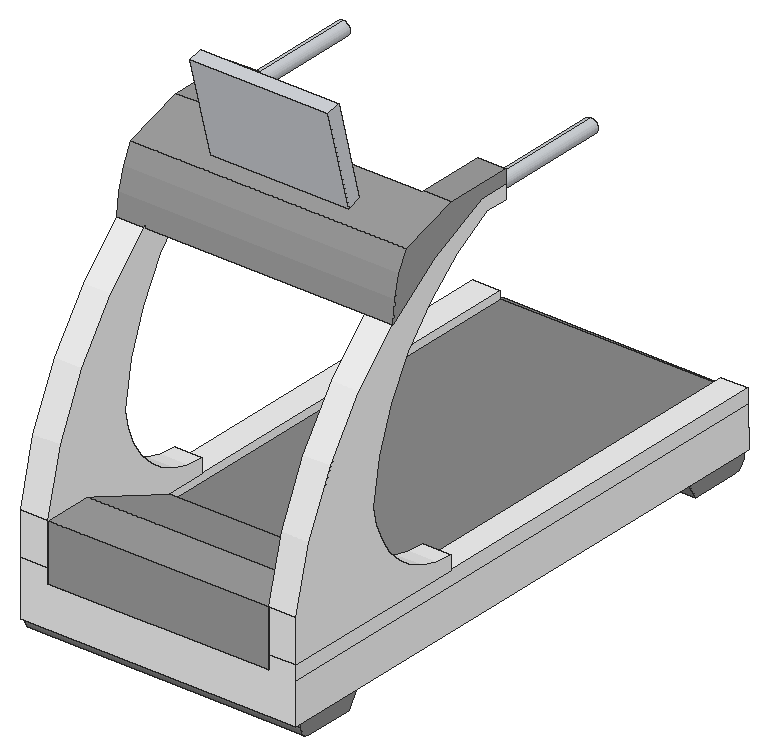
Revit family "Gym_Treadmill", category Specialty Equipment, Revit 2021
Family settings
  Round Connector Dimension = Use Diameter
  Part Type = Undefined
  Work Plane-Based = No
  Always vertical = Yes
  Cut with Voids When Loaded = No
  Shared = No
  Room Calculation Point = No
Parameters
  width = 1000 mm
  belt width = 800 mm
  Lenght = 2050 mm
  Default Elevation = 0 mm
  Assembly Code = "E1090"
Reference planes
  plane 1 "Center F/B": y = 0
  plane 2: z = 0
  plane 3: x = 863.6
  plane 4: y = 2050
  plane 5: y = 550
  plane 6: z = 200
  plane 7: z = 404.8
  plane 8: z = 50.8
  plane 9: x = -36.4
  plane 10: x = 763.6
  plane 11: x = -136.4
  plane 12: x = 363.6
  plane 13: y = 177.8
  plane 14: y = 950
  plane 15: z = 1397
  plane 16: y = 76.2
  plane 17: through (0, 438.561, 1261.476) normal (0, -0.5736, 0.8192)
Forms (mm)
  Extrusion 1, solid, material "Metal - Steel"
    sketch origin (0, 2050, 0) x (1, 0, 0) y (0, 0, 1)
      loop
        line (763.6, 200) -> (-36.4, 200) -> (-36.4, 250.8) -> (-136.4, 250.8) -> (-136.4, 200) -> (-136.4, 50.8) -> (863.6, 50.8) -> (863.6, 200) -> (863.6, 250.8) -> (763.6, 250.8) -> (763.6, 200)
    from 0 to 2050
  Extrusion 2, solid, material "Default"
    sketch origin (25.4, 0, 0) x (0, 1, 0) y (0, 0, 1)
      loop
        line (0, 200) -> (550, 200) -> (550, 250.8) -> (177.8, 404.8) -> (0, 404.8) -> (0, 200)
    from -61.8 to 738.2
  Extrusion 3, solid, material "Pastic - Black"
    sketch origin (711.2, 0, 0) x (0, -1, 0) y (0, 0, 1)
      loop
        line (-2050, 200) -> (-177.8, 200) -> (-177.8, 225.4) -> (-2050, 225.4)
        arc (-2050, 225.4) -> (-2075.4, 200) -> (-2050, 174.6) r 25.4
        line (-2050, 174.6) -> (-2050, 200)
    from -52.4 to 747.6
  Extrusion 4, solid, material "Pastic - Black"
    sketch origin (25.4, 0, 0) x (0, 1, 0) y (0, 0, 1)
      loop
        arc (1990.545, 0) -> (2017.486, 11.159) -> (2028.645, 38.1) r 38.1
        line (2028.645, 38.1) -> (2028.645, 50.8) -> (1781.101, 50.8) -> (1812.066, 0) -> (1990.545, 0)
    from -161.8 to 838.2
  Extrusion 5, solid, material "Metal - Steel"
    sketch origin (-136.4, 0, 0) x (0, 0, -1) y (0, -1, 0)
      loop
        line (-250.8, 0) -> (-404.8, 0)
        arc (-404.8, 0) -> (-1014.61, -286.169) -> (-1397, -840.731) r 1289.869
        line (-1397, -840.731) -> (-1397, -950) -> (-1346.2, -950) -> (-1346.2, -866.251)
        arc (-1346.2, -866.251) -> (-1047.214, -508.696) -> (-608.963, -350.032) r 894.714
        arc (-608.963, -350.032) -> (-387.921, -465.659) -> (-302.4, -700) r 345.405
        line (-302.4, -700) -> (-250.8, -700) -> (-250.8, 0)
    from -100 to 0
  Extrusion 6, solid
    sketch origin (571.11, 451.91, 0) x (0, 0, -1) y (1, 0, 0)
      loop
        circle (-1371.6, -657.51) r 25.4
    from -498.09 to -948.09
  Extrusion 7, solid, material "Pastic - Black"
    sketch origin (25.4, 2050, 0) x (0, -1, 0) y (0, 0, -1)
      loop
        line (1990.545, 0) -> (1812.066, 0) -> (1781.101, -50.8) -> (2028.645, -50.8) -> (2028.645, -38.1)
        arc (2028.645, -38.1) -> (2017.486, -11.159) -> (1990.545, 0) r 38.1
    from -161.8 to 838.2
  Extrusion 8, solid, material "Metal - Steel"
    sketch origin (863.6, 0, 0) x (0, 0, -1) y (0, 1, 0)
      loop
        line (-250.8, 0) -> (-250.8, 700) -> (-302.4, 700)
        arc (-302.4, 700) -> (-387.921, 465.659) -> (-608.963, 350.032) r 345.405
        arc (-608.963, 350.032) -> (-1047.214, 508.696) -> (-1346.2, 866.251) r 894.714
        line (-1346.2, 866.251) -> (-1346.2, 950) -> (-1397, 950) -> (-1397, 840.731)
        arc (-1397, 840.731) -> (-1014.61, 286.169) -> (-404.8, 0) r 1289.869
        line (-404.8, 0) -> (-250.8, 0)
    from -100 to 0
  Extrusion 9, solid
    sketch origin (156.09, 451.91, 0) x (0, 0, -1) y (1, 0, 0)
      loop
        circle (-1371.6, 657.51) r 25.4
    from -498.09 to -948.09
  Extrusion 10, solid, material "Default"
    sketch origin (-136.4, -47.883, 131.557) x (0, 0, -1) y (0, -1, 0)
      loop
        line (-1316.243, -997.883) -> (-1265.443, -997.883) -> (-1265.443, -888.614)
        arc (-1265.443, -888.614) -> (-1168.178, -676.558) -> (-1034.307, -485.491) r 1289.869
        arc (-1034.307, -485.491) -> (-1147.854, -502.949) -> (-1252.722, -549.856) r 429.88
        line (-1252.722, -549.856) -> (-1316.243, -752.543) -> (-1316.243, -997.883)
    from -1000 to 0
  Extrusion 11, void
    sketch origin (0, 0, 0) x (1, 0, 0) y (0, 1, 0)
      loop
        line (-36.4, 950) -> (-36.4, 700) -> (763.6, 700) -> (763.6, 950) -> (-36.4, 950)
    from 900 to 1500
  Extrusion 12, solid
    sketch origin (363.6, 0, 0) x (0, 0, -1) y (0, -1, 0)
      loop
        line (-1417.845, -598.727) -> (-1404.904, -550.431) -> (-1752.726, -457.232) -> (-1765.667, -505.529) -> (-1417.845, -598.727)
    from 250 to -250
Cuts and joins
  Extrusion 11 cuts Extrusion 1
  Extrusion 11 cuts Extrusion 2
  Extrusion 11 cuts Extrusion 3
  Extrusion 11 cuts Extrusion 5
  Extrusion 11 cuts Extrusion 8
  Extrusion 11 cuts Extrusion 10
Dimensions and locks
  "Lenght": plane 1 "Center F/B" to plane 4
  equal spacing: plane 9, plane 12, plane 10
  equal spacing: plane 11, plane 12, plane 3
  "width": plane 11 to plane 3
  plane 15 to level = 1397 mm
  "belt width": plane 9 to plane 10
  plane 4 to plane 5 = 1500 mm
  aligned and locked: Extrusion 4 to plane 3
  aligned and locked: plane 11 to Extrusion 1
  aligned and locked: plane 11 to Extrusion 4
  aligned and locked: Extrusion 5 to plane 9
  aligned and locked: plane 11 to Extrusion 5
  aligned and locked: Extrusion 3 to Extrusion 1  (x2)
  aligned and locked: Extrusion 3 to plane 10
  aligned and locked: plane 14 to Extrusion 6
  aligned and locked: Extrusion 3 to plane 13
  aligned and locked: Extrusion 2 sketch curve to plane 5
  aligned and locked: Extrusion 2 to Extrusion 1  (x2)
  aligned and locked: plane 1 "Center F/B" to Extrusion 1
  aligned and locked: plane 6 to Extrusion 2 sketch curve
  aligned and locked: plane 1 "Center F/B" to Extrusion 5 sketch curve
  aligned and locked: Extrusion 11 sketch curve to Extrusion 5
  aligned and locked: Extrusion 5 to Extrusion 11 sketch curve
  aligned and locked: Extrusion 11 sketch curve to Extrusion 2
Automatic sketch dimensions
  plane 11 to Extrusion 1 sketch curve = 0 mm
  Extrusion 1 sketch curve to plane 6 = 0 mm  (x3)
  plane 9 to Extrusion 1 sketch curve = 0 mm
  plane 10 to Extrusion 1 sketch curve = 0 mm
  plane 3 to Extrusion 1 sketch curve = 0 mm
  Extrusion 1 sketch curve to plane 8 = 0 mm
  Extrusion 1 sketch curve to plane 6 = 50.8 mm  (x2)
  Extrusion 2 sketch curve to plane 1 "Center F/B" = 0 mm
  plane 7 to Extrusion 2 sketch curve = 0 mm
  Extrusion 2 sketch curve to plane 13 = 0 mm
  Extrusion 2 sketch curve to plane 6 = 50.8 mm
  Extrusion 3 sketch curve to plane 4 = 0 mm
  Extrusion 3 sketch curve to plane 13 = 0 mm
  plane 6 to Extrusion 3 sketch curve = 0 mm  (x2)
  Extrusion 3 sketch curve to Extrusion 3 sketch curve = 25.4 mm
  plane 8 to Extrusion 4 sketch curve = 0 mm
  Extrusion 4 sketch curve to level = 0 mm
  plane 4 to Extrusion 4 sketch curve = 268.899 mm
  Extrusion 4 sketch curve to Extrusion 4 sketch curve = 30.964 mm
  plane 8 to Extrusion 4 sketch curve = 12.7 mm
  plane 4 to Extrusion 4 sketch curve = 59.455 mm
  plane 15 to Extrusion 5 sketch curve = 0 mm
  Extrusion 5 sketch curve to plane 14 = 0 mm
  plane 7 to Extrusion 5 sketch curve = 0 mm
  Extrusion 5 sketch curve to Extrusion 5 sketch curve = 50.8 mm
  Extrusion 5 sketch curve to plane 7 = 242.94 mm
  Extrusion 5 sketch curve to plane 7 = 129.228 mm
  Extrusion 5 sketch curve to plane 6 = 102.4 mm
  Extrusion 5 sketch curve to plane 6 = 50.8 mm
  plane 6 to Extrusion 5 sketch curve = 19.251 mm
  Extrusion 5 sketch curve to plane 14 = 291.602 mm
  Extrusion 5 sketch curve to Extrusion 5 sketch curve = 28.659 mm
  Extrusion 5 sketch curve to Extrusion 5 sketch curve = 25.52 mm
  Extrusion 5 sketch curve to plane 5 = 150 mm
  Extrusion 5 sketch curve to Extrusion 5 sketch curve = 6.746 mm
  plane 15 to Extrusion 6 sketch curve = 25.4 mm
  plane 9 to Extrusion 6 sketch curve = 50 mm
  plane 8 to Extrusion 7 sketch curve = 0 mm
  Extrusion 7 sketch curve to level = 0 mm
  plane 13 to Extrusion 7 sketch curve = 91.099 mm
  Extrusion 7 sketch curve to Extrusion 7 sketch curve = 30.964 mm
  Extrusion 7 sketch curve to plane 16 = 16.745 mm
  Extrusion 7 sketch curve to plane 1 "Center F/B" = 21.355 mm
  plane 15 to Extrusion 8 sketch curve = 0 mm
  Extrusion 8 sketch curve to plane 14 = 0 mm
  Extrusion 8 sketch curve to plane 1 "Center F/B" = 0 mm
  plane 7 to Extrusion 8 sketch curve = 0 mm
  plane 15 to Extrusion 8 sketch curve = 50.8 mm
  Extrusion 8 sketch curve to plane 7 = 242.94 mm
  Extrusion 8 sketch curve to plane 7 = 129.228 mm
  Extrusion 8 sketch curve to plane 6 = 102.4 mm
  Extrusion 8 sketch curve to plane 6 = 50.8 mm
  plane 6 to Extrusion 8 sketch curve = 19.251 mm
  Extrusion 8 sketch curve to plane 5 = 143.254 mm
  Extrusion 8 sketch curve to plane 5 = 150 mm
  plane 14 to Extrusion 8 sketch curve = 109.269 mm
  Extrusion 8 sketch curve to Extrusion 8 sketch curve = 25.52 mm
  Extrusion 8 sketch curve to Extrusion 8 sketch curve = 28.659 mm
  plane 15 to Extrusion 9 sketch curve = 25.4 mm
  plane 3 to Extrusion 9 sketch curve = 50 mm
  Extrusion 10 sketch curve to plane 17 = 0 mm
  Extrusion 10 sketch curve to plane 14 = 0 mm
  plane 15 to Extrusion 10 sketch curve = 0 mm
  Extrusion 10 sketch curve to Extrusion 10 sketch curve = 50.8 mm
  plane 14 to Extrusion 10 sketch curve = 82.585 mm
  plane 15 to Extrusion 10 sketch curve = 239.105 mm
  plane 6 to Extrusion 10 sketch curve = 19.251 mm
  Extrusion 10 sketch curve to plane 14 = 320.261 mm
  plane 14 to Extrusion 10 sketch curve = 109.269 mm
  plane 15 to Extrusion 10 sketch curve = 12.721 mm
  plane 5 to Extrusion 10 sketch curve = 112.392 mm
  Extrusion 11 sketch curve to plane 5 = 150 mm
  plane 5 to Extrusion 12 sketch curve = 44.471 mm
  Extrusion 12 sketch curve to plane 15 = 368.667 mm
  plane 5 to Extrusion 12 sketch curve = 92.768 mm
  Extrusion 12 sketch curve to Extrusion 12 sketch curve = 12.941 mm
  Extrusion 12 sketch curve to plane 15 = 20.845 mm
  radius of Extrusion 6 sketch curve = 25.4 mm
  radius of Extrusion 9 sketch curve = 25.4 mm
